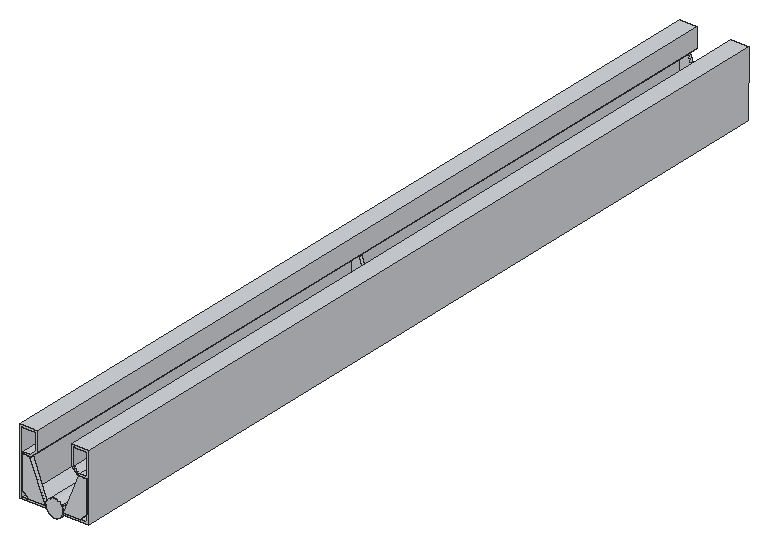
Revit family "LGW_LGW HINGED OUT CORNER 1,2_1923525", category Generic Models, Revit 2018
Family settings
  Can host rebar = No
  Round Connector Dimension = Use Diameter
  Part Type = Normal
  OmniClass Number = 35.51.14.00
  OmniClass Title = FORMWORK
  Work Plane-Based = Yes
  Always vertical = No
  Cut with Voids When Loaded = No
  Shared = Yes
  Room Calculation Point = No
Parameters
  VERSION = "20190101"  # constant formula
  URL = "www.ulmaconstruction.com/en"
  UNICLASS = ""
  REAL ANGLE [instance] = if(ANGLE < 40.00°, 40.00°, if(ANGLE < 180.00°, ANGLE, 180.00°))  # 180.00°
  ITEM_CODE = "1923525"
  Manufacturer = "ULMA CONSTRUCTION"  # constant formula
  INSERTION PLANE [instance] = if(REAL ANGLE = 180.00°, 0.000 mm, (4.000 mm) / cos(90.00° - REAL ANGLE) + 4.000 mm * tan(90.00° - REAL ANGLE))  # 0.000 mm
  FILTER [instance] = ""
  Default Elevation = 0.000 mm
  CLASSIFICATION_TITLE = ""
  CLASSIFICATION_NUMBER = ""
  ANGLE [instance] = 180.00°
Reference planes
  plane 1 "Centro (Frontal/Posterior)": y = 0
  plane 2: z = 0
  plane 3 "Centro (Izquierda/Derecha)": x = 0
  plane 4 "ITEM_HEIGHT": y = 1200
  plane 5 "CENTER": z = 4
  plane 6 "INSERTION PLANE": x = 0
Lines and regions (mm)
  reference lines
    curve 1: line (0, 0, 4) -> (209.588, 0, 4)
Dimensions and locks
  locked: plane 1 "Centro (Frontal/Posterior)" to plane 4 "ITEM_HEIGHT" at 1200
  locked: plane 5 "CENTER" to plane 2 at 4
  "INSERTION PLANE": plane 3 "Centro (Izquierda/Derecha)" to plane 6 "INSERTION PLANE"
  "REAL ANGLE": angle plane 5 "CENTER" to curve 1
  aligned and locked: level to plane 2
  aligned and locked: plane 3 "Centro (Izquierda/Derecha)" to curve 1
  aligned and locked: plane 5 "CENTER" to curve 1
  aligned and locked: plane 4 "ITEM_HEIGHT" to nested 2
Nested families
  nested 1: "MEDIA ESCUADRA EXT 1200 - 1923551_PANELS" at (0, 0, 0), type "MEDIA ESCUADRA EXT 1200 - 1923551_PANELS"
    with FILTER ""
  nested 2: "MEDIA ESCUADRA EXT 1200 - 1923551_PANELS" at (0, 1200, 0) x (-1, 0, 0) z (0, 0, 1), type "MEDIA ESCUADRA EXT 1200 - 1923551_PANELS"
    with FILTER ""
Definition of nested family "MEDIA ESCUADRA EXT 1200 - 1923551_PANELS"
  Parameters (values of type "MEDIA ESCUADRA EXT 1200 - 1923551_PANELS")
    VERSION = "20190101"  # constant formula
    URL = "www.ulmaconstruction.com/en"
    UNICLASS = ""
    Manufacturer = "ULMA CONSTRUCTION"  # constant formula
    FILTER [instance] = ""
    Default Elevation = 0.000 mm
    CLASSIFICATION_TITLE = ""
    CLASSIFICATION_NUMBER = ""
  Reference planes
    plane 1 "Centro (Frontal/Posterior)": y = 0
    plane 2: z = 0
    plane 3 "Centro (Izquierda/Derecha)": x = 0
  Forms (mm)
    Extrusion 1, solid, detail levels fine
      sketch origin (0, 0, 0) x (1, 0, 0) y (0, 0, 1)
        loop
          line (-47.5, 59) -> (-34, 59) -> (-25, 68) -> (-25, 96.5) -> (-50, 96.5) -> (-50, 0) -> (-12.6, 0) -> (-12.6, 2.5) -> (-47.5, 2.5) -> (-47.5, 59)
        loop
          line (-27.5, 94) -> (-47.5, 94) -> (-47.5, 61.5) -> (-35.036, 61.5) -> (-27.5, 69.036) -> (-27.5, 94)
      from -1200 to 0
    Extrusion 2, solid
      sketch origin (0, 0, 0) x (1, 0, 0) y (0, 0, 1)
        loop
          circle (0, 4) r 12.5
      from -1200 to 0
    Extrusion 3, solid, detail levels fine
      sketch origin (0, 0, 0) x (1, 0, 0) y (0, 0, 1)
        loop
          line (-13.5, 2.5) -> (-35.5, 59) -> (-47.5, 59) -> (-47.5, 12.5) -> (-37.5, 2.5) -> (-13.5, 2.5)
      from -4 to 0
    Extrusion 4, solid, detail levels fine
      sketch origin (0, 575, 0) x (1, 0, 0) y (0, 0, 1)
        loop
          line (-13.5, 2.5) -> (-35.5, 59) -> (-47.5, 59) -> (-47.5, 12.5) -> (-37.5, 2.5) -> (-13.5, 2.5)
      from -27 to -23
    Extrusion 5, solid, detail levels fine
      sketch origin (0, 1175, 0) x (1, 0, 0) y (0, 0, 1)
        loop
          line (-13.5, 2.5) -> (-35.5, 59) -> (-47.5, 59) -> (-47.5, 12.5) -> (-37.5, 2.5) -> (-13.5, 2.5)
      from -25 to -21
    Extrusion 6, solid, detail levels coarse+medium
      sketch origin (0, 0, 0) x (1, 0, 0) y (0, 0, 1)
        loop
          line (-50, 96.5) -> (-50, 0) -> (-12.6, 0) -> (-34, 59) -> (-25, 68) -> (-25, 96.5) -> (-50, 96.5)
      from -1200 to 0
  Lines and regions (mm)
    model lines, detail levels fine
      curve 1: circle (-47.5, 900, 42) r 10 normal (1, 0, 0)
      curve 2: circle (-47.5, 300, 42) r 10 normal (1, 0, 0)
      curve 3: circle (-50, 900, 42) r 10 normal (1, 0, 0)
      curve 4: circle (-50, 300, 42) r 10 normal (1, 0, 0)
  Dimensions and locks
    aligned and locked: level to plane 2
